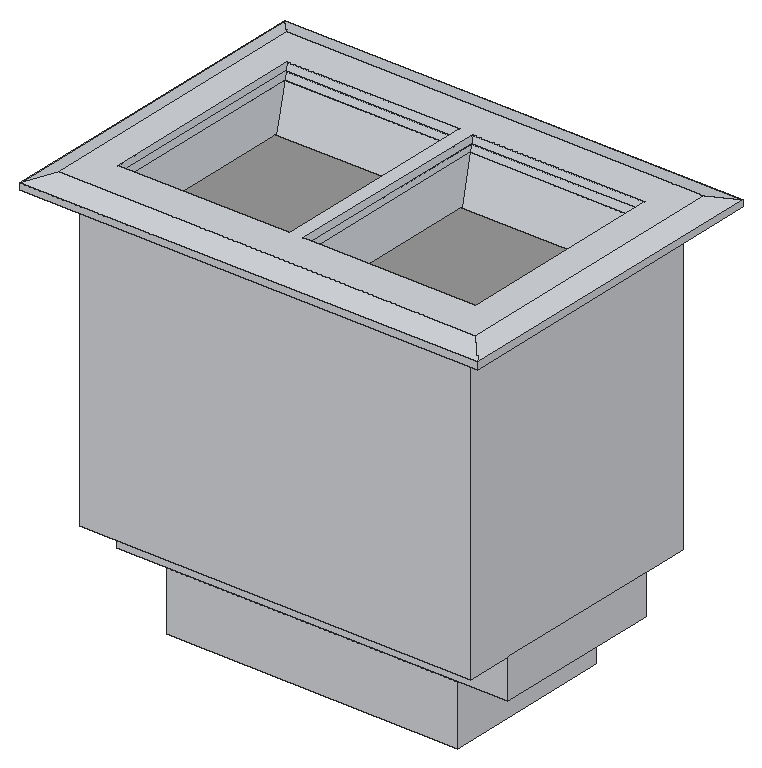
Revit family "2061351 Sylvania Lighting Fixture DOMINO 2xLED 930 BLACK NB TRIM BLACK DALI", category Lighting Fixtures, host Face, Revit 2018
Family settings
  Host = Face
  Round Connector Dimension = Use Diameter
  Part Type = Normal
  OmniClass Number = 23.80.70.00
  OmniClass Title = Lighting
  Cut with Voids When Loaded = No
  Light Source = Yes
  Shared = No
  Room Calculation Point = No
Parameters (values of type "2061351 DOMINO 2XLED 930 BLACK NB TR BLK DALI")
  top top length = 44 mm
  Width = 50 mm
  Weight = "n/a"
  Wattage Comments = ""
  Wattage = 9.2903 W
  WarrantyStartDate [instance] = "n/a"
  WarrantyGuarantorParts = "n/a"
  WarrantyDurationUnit = "n/a"
  WarrantyDurationParts = ""
  WarrantyDescription = "http://www.sylvania-lighting.com"
  built-in parameter 1150110 = 1 (stored number, unit not read)
  Voltage = 0 V
  URL = "0.96"
  TypeName = "DOMINO 2xLED 930 BLACK NB TRIM BLACK DALI"
  Type Image = <None>
  Type Comments = "n/a"
  built-in parameter 1114217 = 1 (stored number, unit not read)
  Top Width = 26 mm
  Tilt Angle = 90.00°
  built-in parameter 1150109 = 1 (stored number, unit not read)
  built-in parameter 1150134 = 3
  built-in parameter 1150113 = 1 (stored number, unit not read)
  SerialNumber [instance] = "n/a"
  Recessed Width = 43 mm
  Recessed Length = 63 mm
  Photometric Web File = "2061351.ies"
  Material_3_FEILO = none
  PowerFactor = 0
  PowerConsumption = "Lighting"
  NominalLength = 50 mm
  NominalHeight = 0 mm
  NominalDepth = 0 mm
  Name = "DOMINO 2xLED 930 BLACK NB TRIM BLACK DALI"
  ModelReference = Name  # "DOMINO 2xLED 930 BLACK NB TRIM BLACK DALI"
  ModelNumber = "2061351"
  Model = Name  # "DOMINO 2xLED 930 BLACK NB TRIM BLACK DALI"
  Material = "Feilo Sylvania"
  ManufacturerName = "55 lm/W"
  Manufacturer = ""
  LuminousEfficacy = ""
  built-in parameter 1150105 = 109.82 (stored number, unit not read)
  Lumens = 1380 lm
  LuminaireType = "0"
  built-in parameter 1150115 = 1 (stored number, unit not read)
  LightOutputRatio = "LED"
  built-in parameter 1150137 = (empty or 0)
  built-in parameter 1150139 = (empty or 0)
  Lens Width = 32 mm
  Lens = Glass, White, High Luminance
  Length = 69 mm
  LampsType = Lamp  # "n/a"
  LampNominalLuminous = "3000 K"
  LampMacAdamStep = "90"
  LampColourTemperature = "LED"
  LampColourRenderingIndex = "16500"
  built-in parameter 1150112 = 1 (stored number, unit not read)
  built-in parameter 1150114 = 1 (stored number, unit not read)
  Lamp = "n/a"
  Keynote = "n/a"
  InstallationDate [instance] = "n/a"
  InputVoltage = "0"
  InputNominalFrequency = "3000"
  built-in parameter 1150132 = (empty or 0)
  built-in parameter 1150102 = (empty or 0)
  built-in parameter 1150107 = 3200 (stored number, unit not read)
  built-in parameter 1150138 = (empty or 0)
  IngressProtection = "IfcLightFixtureType"
  ImpactProtectionIndex = "IfcLightFixtureType"
  built-in parameter 1150106 = 1.0982 (stored number, unit not read)
  IfcExportType = "IfcLightFixtureType"
  IfcExportAs = "Class II"
  Facia internal width = 37 mm
  Facia internal length = 56 mm
  Facia Height = 2 mm
  ExpectedLife = 50000
  Emit from Circle Diameter = 609.6 mm
  Emit Shape Visible in Rendering = no
  ElectricShockClassification = "55"
  built-in parameter 1150104 = 13.8 (stored number, unit not read)
  DurationUnit = "hours"
  DocumentationLiterature = "http://www.sylvania-lighting.com/product/en-int/products/2061351"
  DimmingControlOptions = "n/a"
  Material_2_FEILO = none
  Dimming Lamp Color Temperature Shift = <None>
  Description = "Modular LED recessed linear spotlight, ideal for retail and hospitality applications. Die-cast aluminium body, passive cooling. Two levels of reflector installation, low glaring UGR<16. 2x LED source, 15° beam angle , optics: PMMA lens and polycarbonate reflector combination, Black matt reflector finish. Light color temperature: 3000K warm white, total system power: 6W , total fixture lumen output: 325lm, efficacy: 55 lm/W, Ra90 typical, LED chromacity: 3 step MacAdam ellipse (SDCM3), lifespan: 96,000 hours at 90% of the original output (L90B10), IR/UV free light source without heat radiation, operating voltage: 220-240V / 50-60Hz, electronic driver, ultra low flicker, DALI , electrical protection: Class II. Degree of Protection: IP40/IP20, suitable for indoor environment only. Ceiling cut-out: 43x43mm, outer dimensions:  70x50mm trim frame RAL 9005 - Jet black color.5 years Warranty."
  Default Elevation = 1219.2 mm
  CreatedOn = "10/02/2021"
  CreatedBy = "harvey.smart@sylvania-lighting.com"
  Cost = 0
  Color Filter = 16777215
  built-in parameter 1114216 [instance] = (empty or 0)
  ClassificationValue = "EF_70_80"
  ClassificationName = "Uniclass2015"
  Material_1_FEILO = none
  Body Width = 40 mm
  Body Length = 59 mm
  BarCode [instance] = "n/a"
  built-in parameter 1114218 = 1 (stored number, unit not read)
  built-in parameter 1150133 = 10 (stored number, unit not read)
  AssetType = "Fixed"
  AssetIdentifier [instance] = "n/a"
  Assembly Code = "D5020200"
  Apparent Load = 6 VA
  Material_4_FEILO = none
Reference planes
  plane 1 "Center (Front/Back)": y = 0
  plane 2: z = 0
  plane 3 "Center (Left/Right)": x = 0
  plane 4: z = 0
  plane 5: z = -7
  plane 6: z = -45.895
  plane 7: z = -51.895
  plane 8: z = -60.895
  plane 9: x = -31.5
  plane 10: x = 31.5
  plane 11: y = 21.5
  plane 12: y = -21.5
  plane 13: x = -34.5
  plane 14: x = 34.5
  plane 15: y = 25
  plane 16: y = -25
  plane 17: x = 28
  plane 18: x = -28
  plane 19: y = 18.5
  plane 20: y = -18.5
  plane 21: z = 2
  plane 22: x = -29.5
  plane 23: x = 29.5
  plane 24: y = 20
  plane 25: y = -20
  plane 26: y = 13
  plane 27: y = -13
  plane 28: x = 22
  plane 29: y = 16
  plane 30: y = -16
  plane 31: x = -27
  plane 32: x = -1
  plane 33: x = -26
  plane 34: x = -2
  plane 35: y = 12.5
  plane 36: y = -12.5
  plane 37: x = 27
  plane 38: x = 1
  plane 39: x = 2
  plane 40: x = 26.026
Forms (mm)
  Extrusion 1, solid, not visible, detail levels medium+fine
    sketch origin (4.2, 0, 0) x (1, 0, 0) y (0, 1, 0)
      loop
        line (-29.2, 34.5) -> (-29.2, -34.5) -> (20.8, -34.5) -> (20.8, 34.5) -> (-29.2, 34.5)
    from 0 to 1
  Extrusion 2, solid, not visible, detail levels medium+fine
    sketch origin (4.044, 0, 0) x (1, 0, 0) y (0, 1, 0)
      loop
        line (-29.2, 34.5) -> (-29.2, -34.5) -> (20.8, -34.5) -> (20.8, 34.5) -> (-29.2, 34.5)
    from 0 to 1
  Blend 3, solid, not visible, detail levels medium+fine
    base sketch origin (4.2, 0, 0) x (1, 0, 0) y (0, 1, 0)
      loop
        line (-29.2, 34.5) -> (-29.2, -34.5) -> (20.8, -34.5) -> (20.8, 34.5) -> (-29.2, 34.5)
    top sketch origin (4.2, 0, 0) x (1, 0, 0) y (0, 1, 0)
      loop
        line (-21.7, 28) -> (-21.7, -28) -> (13.3, -28) -> (13.3, 28) -> (-21.7, 28)
    from 1 to 3
  Extrusion 4, solid, not visible, detail levels medium+fine
    sketch origin (3.419, 0, 0) x (1, 0, 0) y (0, 1, 0)
      loop
        line (-29.2, 34.5) -> (-29.2, -34.5) -> (20.8, -34.5) -> (20.8, 34.5) -> (-29.2, 34.5)
    from 0 to 1
  Blend 5, solid, not visible, detail levels medium+fine
    base sketch origin (3.575, 0, 0) x (1, 0, 0) y (0, 1, 0)
      loop
        line (-29.2, 34.5) -> (-29.2, -34.5) -> (20.8, -34.5) -> (20.8, 34.5) -> (-29.2, 34.5)
    top sketch origin (3.575, 0, 0) x (1, 0, 0) y (0, 1, 0)
      loop
        line (-21.7, 28) -> (-21.7, -28) -> (13.3, -28) -> (13.3, 28) -> (-21.7, 28)
    from 1 to 3
  Extrusion 6, solid, not visible, detail levels medium+fine
    sketch origin (4.247, 0, 0) x (1, 0, 0) y (0, 1, 0)
      loop
        line (-29.2, 34.5) -> (-29.2, -34.5) -> (20.8, -34.5) -> (20.8, 34.5) -> (-29.2, 34.5)
    from 0 to 1
  Blend 7, solid, not visible, detail levels medium+fine
    base sketch origin (4.403, 0, 0) x (1, 0, 0) y (0, 1, 0)
      loop
        line (-29.2, 34.5) -> (-29.2, -34.5) -> (20.8, -34.5) -> (20.8, 34.5) -> (-29.2, 34.5)
    top sketch origin (4.403, 0, 0) x (1, 0, 0) y (0, 1, 0)
      loop
        line (-21.7, 28) -> (-21.7, -28) -> (13.3, -28) -> (13.3, 28) -> (-21.7, 28)
    from 1 to 3
  Extrusion 8, void, detail levels medium+fine
    sketch origin (4.2, 0, 0) x (0, 1, 0) y (1, 0, 0)
      loop
        line (21.5, -35.7) -> (21.5, 27.3) -> (-21.5, 27.3) -> (-21.5, -35.7) -> (21.5, -35.7)
    from -9.934 to 83.097
  Extrusion 9, solid, detail levels medium+fine
    sketch origin (4.2, 0, 0) x (1, 0, 0) y (0, 1, 0)
      loop
        line (-38.7, 25) -> (-38.7, -25) -> (30.3, -25) -> (30.3, 25) -> (-38.7, 25)
    from 0 to 1
  Blend 10, solid, detail levels medium+fine
    base sketch origin (4.2, 0, 0) x (1, 0, 0) y (0, 1, 0)
      loop
        line (-38.7, 25) -> (-38.7, -25) -> (30.3, -25) -> (30.3, 25) -> (-38.7, 25)
    top sketch origin (4.2, 0, 0) x (1, 0, 0) y (0, 1, 0)
      loop
        line (-35.7, 21.5) -> (-35.7, -21.5) -> (27.3, -21.5) -> (27.3, 21.5) -> (-35.7, 21.5)
    from 1 to 2
  Extrusion 11, solid, detail levels medium+fine
    sketch origin (4.2, 0, 0) x (1, 0, 0) y (0, 1, 0)
      loop
        line (-33.7, 20) -> (-33.7, -20) -> (25.3, -20) -> (25.3, 20) -> (-33.7, 20)
    from 0 to -45.895
  Extrusion 12, solid, detail levels medium+fine
    sketch origin (4.2, 0, 0) x (1, 0, 0) y (0, 1, 0)
      loop
        line (-33.7, 13) -> (-33.7, -13) -> (25.3, -13) -> (25.3, 13) -> (-33.7, 13)
    from -51.895 to -45.895
  Extrusion 13, solid, detail levels fine
    sketch origin (4.2, 0, 0) x (1, 0, 0) y (0, 1, 0)
      loop
        line (-26.2, 13) -> (-26.2, -13) -> (17.8, -13) -> (17.8, 13) -> (-26.2, 13)
    from -60.895 to -51.895
  Blend 14, void, detail levels medium+fine
    base sketch origin (4.2, 0, 0) x (0, 1, 0) y (-1, 0, 0)
      loop
        line (16, 31.2) -> (-16, 31.2) -> (-16, 5.2) -> (16, 5.2) -> (16, 31.2)
    top sketch origin (4.2, 0, 0) x (0, 1, 0) y (-1, 0, 0)
      loop
        line (12.5, 30.2) -> (-12.5, 30.2) -> (-12.5, 6.2) -> (12.5, 6.2) -> (12.5, 30.2)
    from 2 to -7
  Blend 15, void, detail levels medium+fine
    base sketch origin (4.2, 0, 0) x (0, 1, 0) y (-1, 0, 0)
      loop
        line (16, 3.2) -> (-16, 3.2) -> (-16, -22.8) -> (16, -22.8) -> (16, 3.2)
    top sketch origin (4.2, 0, 0) x (0, 1, 0) y (-1, 0, 0)
      loop
        line (12.5, 2.2) -> (-12.5, 2.2) -> (-12.5, -21.826) -> (12.5, -21.826) -> (12.5, 2.2)
    from 2 to -7
  Extrusion 16, solid, material "Glass, White, High Luminance" <- "Lens", detail levels fine
    sketch origin (0, 1219.2, 38) x (1, 0, 0) y (0, 1, 0)
      loop
        line (-26, -1206.7) -> (-26, -1231.7) -> (-2, -1231.7) -> (-2, -1206.7) -> (-26, -1206.7)
    from -45 to -44
  Extrusion 17, solid, material "Glass, White, High Luminance" <- "Lens", detail levels fine
    sketch origin (4.2, 0, 0) x (1, 0, 0) y (0, 1, 0)
      loop
        line (-2.2, 12.5) -> (-2.2, -12.5) -> (21.826, -12.5) -> (21.826, 12.5) -> (-2.2, 12.5)
    from -7 to -6
  Extrusion 18, solid, detail levels coarse
    sketch origin (0, 1219.2, 38) x (1, 0, 0) y (0, 1, 0)
      loop
        line (34.5, -1194.2) -> (-34.5, -1194.2) -> (-34.5, -1244.2) -> (34.5, -1244.2) -> (34.5, -1194.2)
    from -36 to -98.895
Cuts and joins
  Blend 14, Blend 15 cuts Extrusion 9
  Blend 14, Blend 15 cuts Blend 10
  Blend 14, Blend 15 cuts Extrusion 11
Dimensions and locks
  "Recessed Length": plane 9 to plane 10
  equal spacing: plane 9, plane 3 "Center (Left/Right)", plane 10
  "Length": plane 13 to plane 14
  equal spacing: plane 13, plane 3 "Center (Left/Right)", plane 14
  "Recessed Width": plane 11 to plane 12
  equal spacing: plane 11, plane 1 "Center (Front/Back)", plane 12
  "Width": plane 15 to plane 16
  equal spacing: plane 15, plane 1 "Center (Front/Back)", plane 16
  "Facia internal length": plane 18 to plane 17
  equal spacing: plane 18, plane 3 "Center (Left/Right)", plane 17
  "Facia internal width": plane 19 to plane 20
  equal spacing: plane 19, plane 1 "Center (Front/Back)", plane 20
  "Facia Height": plane 21 to host face
  "Body Length": plane 22 to plane 23
  equal spacing: plane 22, plane 3 "Center (Left/Right)", plane 23
  "Body Width": plane 24 to plane 25
  equal spacing: plane 24, plane 1 "Center (Front/Back)", plane 25
  "Top Width": plane 26 to plane 27
  equal spacing: plane 26, plane 1 "Center (Front/Back)", plane 27
  plane 3 "Center (Left/Right)" to plane 28 = 22 mm
  "Lens Width": plane 29 to plane 30
  equal spacing: plane 29, plane 1 "Center (Front/Back)", plane 30
  aligned and locked: plane 2 to host face
  aligned and locked: level to host face
  aligned and locked: plane 21 to Blend 10
  aligned and locked: Extrusion 9 to Blend 10
  aligned and locked: plane 7 to Extrusion 13
  aligned and locked: Extrusion 12 to plane 7
  aligned and locked: Extrusion 11 to plane 6
  aligned and locked: Blend 14 to plane 5
  aligned and locked: plane 21 to Blend 14
  aligned and locked: Blend 15 to plane 5
  aligned and locked: plane 21 to Blend 15
Automatic sketch dimensions
  host sketch curve to host sketch curve = 2438.4 mm  (x2)
  Extrusion 1 sketch curve to Extrusion 1 sketch curve = 50 mm
  Extrusion 1 sketch curve to Extrusion 1 sketch curve = 69 mm
  Extrusion 2 sketch curve to Extrusion 2 sketch curve = 50 mm
  Extrusion 2 sketch curve to Extrusion 2 sketch curve = 69 mm
  Blend 3 sketch curve to Blend 3 sketch curve = 50 mm
  Blend 3 sketch curve to Blend 3 sketch curve = 69 mm
  Blend 3 sketch curve to Blend 3 sketch curve = 35 mm
  Blend 3 sketch curve to Blend 3 sketch curve = 56 mm
  Extrusion 4 sketch curve to Extrusion 4 sketch curve = 50 mm
  Extrusion 4 sketch curve to Extrusion 4 sketch curve = 69 mm
  Blend 5 sketch curve to Blend 5 sketch curve = 50 mm
  Blend 5 sketch curve to Blend 5 sketch curve = 69 mm
  Blend 5 sketch curve to Blend 5 sketch curve = 35 mm
  Blend 5 sketch curve to Blend 5 sketch curve = 56 mm
  Extrusion 6 sketch curve to Extrusion 6 sketch curve = 50 mm
  Extrusion 6 sketch curve to Extrusion 6 sketch curve = 69 mm
  Blend 7 sketch curve to Blend 7 sketch curve = 50 mm
  Blend 7 sketch curve to Blend 7 sketch curve = 69 mm
  Blend 7 sketch curve to Blend 7 sketch curve = 35 mm
  Blend 7 sketch curve to Blend 7 sketch curve = 56 mm
  Extrusion 8 sketch curve to plane 9 = 0 mm
  Extrusion 8 sketch curve to plane 12 = 0 mm
  Extrusion 8 sketch curve to plane 11 = 0 mm
  Extrusion 8 sketch curve to plane 10 = 0 mm
  Extrusion 9 sketch curve to plane 13 = 0 mm
  Extrusion 9 sketch curve to plane 14 = 0 mm
  Extrusion 9 sketch curve to plane 16 = 0 mm
  Extrusion 9 sketch curve to plane 15 = 0 mm
  Blend 10 sketch curve to plane 13 = 0 mm
  Blend 10 sketch curve to plane 14 = 0 mm
  Blend 10 sketch curve to plane 16 = 0 mm
  Blend 10 sketch curve to plane 15 = 0 mm
  Blend 10 sketch curve to plane 9 = 0 mm
  Blend 10 sketch curve to plane 10 = 0 mm
  Blend 10 sketch curve to plane 12 = 0 mm
  Blend 10 sketch curve to plane 11 = 0 mm
  Extrusion 11 sketch curve to plane 22 = 0 mm
  Extrusion 11 sketch curve to plane 23 = 0 mm
  Extrusion 11 sketch curve to plane 25 = 0 mm
  Extrusion 11 sketch curve to plane 24 = 0 mm
  Extrusion 12 sketch curve to plane 22 = 0 mm
  Extrusion 12 sketch curve to plane 23 = 0 mm
  Extrusion 12 sketch curve to plane 27 = 0 mm
  Extrusion 12 sketch curve to plane 26 = 0 mm
  Extrusion 13 sketch curve to plane 27 = 0 mm
  Extrusion 13 sketch curve to plane 28 = 0 mm
  Extrusion 13 sketch curve to plane 26 = 0 mm
  plane 18 to Extrusion 13 sketch curve = 6 mm
  Blend 14 sketch curve to plane 30 = 0 mm
  Blend 14 sketch curve to plane 29 = 0 mm
  Blend 14 sketch curve to plane 32 = 0 mm
  Blend 14 sketch curve to plane 31 = 0 mm
  Blend 14 sketch curve to plane 33 = 0 mm
  Blend 14 sketch curve to plane 36 = 0 mm
  Blend 14 sketch curve to plane 35 = 0 mm
  Blend 14 sketch curve to plane 34 = 0 mm
  Blend 15 sketch curve to plane 30 = 0 mm
  Blend 15 sketch curve to plane 29 = 0 mm
  Blend 15 sketch curve to plane 37 = 0 mm
  Blend 15 sketch curve to plane 38 = 0 mm
  Blend 15 sketch curve to plane 36 = 0 mm
  Blend 15 sketch curve to plane 35 = 0 mm
  Blend 15 sketch curve to plane 40 = 0 mm
  Blend 15 sketch curve to plane 39 = 0 mm
  plane 31 to Extrusion 16 sketch curve = 1 mm
  Extrusion 16 sketch curve to plane 11 = 9 mm
  Extrusion 16 sketch curve to plane 34 = 0 mm
  plane 1 "Center (Front/Back)" to Extrusion 16 sketch curve = 12.5 mm
  Extrusion 17 sketch curve to plane 36 = 0 mm
  Extrusion 17 sketch curve to plane 39 = 0 mm
  Extrusion 17 sketch curve to plane 40 = 0 mm
  Extrusion 17 sketch curve to plane 35 = 0 mm
  Extrusion 18 sketch curve to plane 33 = 8.5 mm
  plane 14 to Extrusion 18 sketch curve = 0 mm
  plane 16 to Extrusion 18 sketch curve = 50 mm
  Extrusion 18 sketch curve to plane 36 = 12.5 mm
